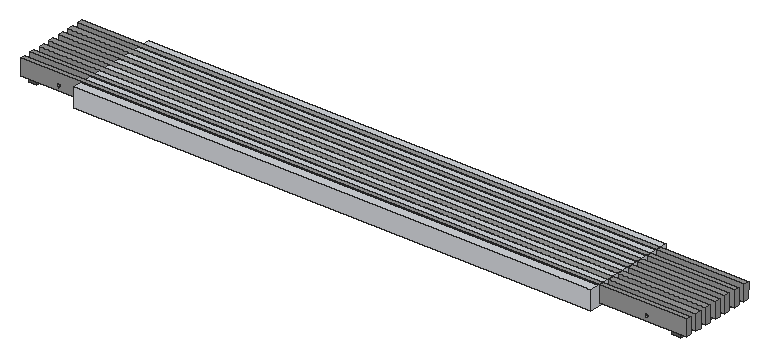
Revit family "1213-7, Veneer", category Generic Models, host Face, Revit 2020
Family settings
  Host = Face
  Can host rebar = No
  Round Connector Dimension = Use Diameter
  Part Type = Normal
  Cut with Voids When Loaded = No
  Shared = No
  Room Calculation Point = No
Parameters
  min_value [instance] = 1' - 11 1/4"  # constant formula
  max_value [instance] = 9' - 11 1/4"  # constant formula
  actual_value [instance] = if(NET LENGTH < min_value, min_value, if(NET LENGTH > max_value, max_value, NET LENGTH))  # 7' - 11 1/4"
  NET LENGTH [instance] = 7' - 11 1/4"
  IMPORTANT NOTE!!!                                                                             *Backer & dowel layout is for visualization purposes only, final layout to be determined by 9Wood. [instance] = ""
  Default Elevation = 4' - 0"
  DOWEL RADIUS [instance] = 0' - 0 1/4"  # constant formula
  BACKING M MATERIAL [instance] = BLACK-BACKERS
  .. MEMBER WIDTH [instance] = 0' - 0 3/4"  # constant formula
  .. MEMBER MATERIAL [instance] = Veneer Cherry
  .. MEMBER DEPTH [instance] = 0' - 2 1/4"  # constant formula
  .. MEMBER COUNT [instance] = 7  # constant formula
Reference planes (in)
  plane 1 "Center (Front/Back)": y = 0
  plane 2: z = 2.726
  plane 3 "Center (Left/Right)": x = 0
Forms (in)
  Extrusion 1, solid
    sketch origin (15, -0.86619, -0.99308) x (0, 1, 0) y (-1, 0, 0)
      loop
        line (3.42869, -23.66817) -> (3.42869, 50.25) -> (-10, 50.25) -> (-10, -23.66817) -> (3.42869, -23.66817)
    from 3.71908 to 1.00111
Dimensions and locks (in)
  aligned and locked: plane 2 to Extrusion 1
Nested families (in)
  nested 1: "1200 Series" at (-44, -2, 1.87867), NET LENGTH <- "actual_value", DOWEL RADII <- "DOWEL RADIUS", .. MEMBER WIDTH <- ".. MEMBER WIDTH", .. MEMBER DEPTH <- ".. MEMBER DEPTH", .. MEMBER MATERIAL <- ".. MEMBER MATERIAL", BACKING M MATERIAL <- "BACKING M MATERIAL", .. MEMBER COUNT <- ".. MEMBER COUNT", type "1200 Series"
    with X 7' - 4", WIDTH 1' - 0 1/16", Space 0' - 0 11/16", START 0' - 0 3/8", SCRIM MATERIAL SCRIM, SCRIM 3 8' - 1", SCRIM 2 0' - 0 7/8", SCRIM 1 0' - 0 3/32", SCRIM yes, NET LENGTH 7' - 11 1/4", N 8, INSET 3 0' - 0 3/16", INSET 0' - 1", INDEX 0' - 5 5/8", END BACKER yes, DOWEL RADII 0' - 0 1/4", DOWEL COUNT 8, BACKING M WIDTH 0' - 1 1/4", BACKING M MATERIAL BLACK-BACKERS, BACKING M LENGTH 0' - 11 7/8", BACKING M DEPTH 0' - 0 1/2", .. MEMBER WIDTH 0' - 0 3/4", .. MEMBER OC TYP 0' - 1.71429", .. MEMBER MATERIAL Veneer Cherry, .. MEMBER DEPTH 0' - 2 1/4", .. MEMBER COUNT 7
Definition of nested family "1200 Series"
  Parameters (values of type "1200 Series")
    X [instance] = NET LENGTH - (0' 3 5/8" * 2)  # 6' - 2"
    WIDTH [instance] = 1' - 0 1/16"
    Space [instance] = 0' - 0 11/16"  # constant formula
    START [instance] = .. MEMBER WIDTH / 2  # 0' - 0 3/8"
    SCRIM MATERIAL [instance] = none
    SCRIM 3 [instance] = NET LENGTH + (SCRIM 2 * 2)  # 6' - 11"
    SCRIM 2 [instance] = 0' - 0 7/8"
    SCRIM 1 [instance] = 0' - 0 3/32"
    SCRIM [instance] = yes
    NET LENGTH [instance] = 6' - 9 1/4"
    N [instance] = if((X - (rounddown(X / 1' 0") * 1' 0")) > 1' 0", rounddown(X / 1' 0") + 2, rounddown(X / 1' 0") + 1)  # 7
    INSET 3 [instance] = 0' - 0 3/16"
    INSET [instance] = 0' - 1"
    INDEX [instance] = (NET LENGTH - ((N - 1) * 1' 0")) / 2  # 0' - 4 5/8"
    END BACKER [instance] = yes
    Default Elevation = 0' - 0"
    DOWEL RADII [instance] = 0' - 0 1/4"
    DOWEL COUNT [instance] = N  # 7
    BACKING M WIDTH [instance] = 0' - 1 1/4"
    BACKING M MATERIAL [instance] = none
    BACKING M LENGTH [instance] = 0' - 11 7/8"
    BACKING M DEPTH [instance] = 0' - 0 1/2"
    .. MEMBER WIDTH [instance] = 0' - 0 3/4"
    .. MEMBER OC TYP [instance] = 1' 0" / .. MEMBER COUNT  # 0' - 3"
    .. MEMBER MATERIAL [instance] = none
    .. MEMBER DEPTH [instance] = 0' - 1 3/8"
    .. MEMBER COUNT [instance] = 4
  Reference planes (in)
    plane 1 "Center (Front/Back)": y = -7.5
    plane 2: z = 0
    plane 3 "Center (Left/Right)": x = 0
    plane 4: x = 1
    plane 5: x = 4.625
    plane 6: x = 81.25
    plane 7: x = 80.25
    plane 8: x = 16.625
    plane 9: y = -7.3125
    plane 10: y = -4.125
    plane 11: y = -7.125
    plane 12: y = 4.5625
    plane 13: y = -4.5
    plane 14: y = -7.59375
    plane 15: x = 82.125
    plane 16: y = 4.65625
    plane 17: x = -0.875
    plane 18: z = -1.375
    plane 19: z = -0.6875
  Lines and regions (in)
    model lines
      curve 1: line (4.375, -7.5, -0.6875) -> (4.875, -7.5, -0.6875)
    model lines, not visible
      curve 2: line (4.625, -7.5, -0.9375) -> (4.625, -7.5, -0.4375)
      curve 3: line (4.375, -7.5, -0.6875) -> (4.875, -7.5, -0.6875)
      curve 4: line (16.625, -7.5, -0.9375) -> (16.625, -7.5, -0.4375)
      curve 5: line (16.375, -7.5, -0.6875) -> (16.875, -7.5, -0.6875)
      curve 6: line (28.625, -7.5, -0.9375) -> (28.625, -7.5, -0.4375)
      curve 7: line (28.375, -7.5, -0.6875) -> (28.875, -7.5, -0.6875)
      curve 8: line (40.625, -7.5, -0.9375) -> (40.625, -7.5, -0.4375)
      curve 9: line (40.375, -7.5, -0.6875) -> (40.875, -7.5, -0.6875)
      curve 10: line (52.625, -7.5, -0.9375) -> (52.625, -7.5, -0.4375)
      curve 11: line (52.375, -7.5, -0.6875) -> (52.875, -7.5, -0.6875)
      curve 12: line (64.625, -7.5, -0.9375) -> (64.625, -7.5, -0.4375)
      curve 13: line (64.375, -7.5, -0.6875) -> (64.875, -7.5, -0.6875)
      curve 14: line (76.625, -7.5, -0.9375) -> (76.625, -7.5, -0.4375)
      curve 15: line (76.375, -7.5, -0.6875) -> (76.875, -7.5, -0.6875)
  Dimensions and locks (in)
    "NET LENGTH": plane 3 "Center (Left/Right)" to plane 6
    "INSET": plane 7 to plane 6
    "INDEX": plane 3 "Center (Left/Right)" to plane 5
    plane 5 to plane 8 = 1' - 0"
    "INSET 3": plane 1 "Center (Front/Back)" to plane 9
    equal spacing: group 1, group 2, group 3, group 4  (x3)
    "START": plane 11 to plane 1 "Center (Front/Back)"
    ".. MEMBER OC TYP": plane 10 to plane 11
    "WIDTH": plane 12 to plane 1 "Center (Front/Back)"
    "START": plane 10 to plane 13
    "SCRIM 1": plane 14 to plane 1 "Center (Front/Back)"
    "SCRIM 2": plane 6 to plane 15
    "SCRIM 1": plane 12 to plane 16
    "SCRIM 2": plane 17 to plane 3 "Center (Left/Right)"
    "INSET": plane 3 "Center (Left/Right)" to plane 4
    equal spacing: group 5, group 6, group 7, group 8, group 9, group 10, group 11  (x3)
    "Space": plane 19 to plane 18
    aligned and locked: level to plane 2
    aligned and locked: nested 1 to plane 4  (x2)
    aligned and locked: plane 7 to nested 2
    aligned and locked: plane 5 to nested 3
    aligned and locked: nested 1 to plane 9
    aligned and locked: plane 1 "Center (Front/Back)" to nested 4
    aligned and locked: plane 9 to nested 2
    aligned and locked: plane 13 to nested 5
    aligned and locked: nested 3 to plane 9
    aligned and locked: plane 18 to nested 1
    aligned and locked: plane 19 to nested 3
    aligned and locked: curve 1 to plane 19
    aligned and locked: plane 8 to curve 4
    aligned and locked: curve 5 to plane 19
    aligned and locked: nested 4 to plane 18
  Automatic sketch dimensions
    curve 1 to curve 1 = 0' - 0 1/2"
    curve 1 to plane 5 = 0' - 0 1/4"
    plane 5 to curve 1 = 0' - 0 1/4"
    curve 3 to curve 2 = 0' - 0 1/4"  (x2)
    curve 2 to curve 3 = 0' - 0 1/4"  (x2)
    curve 5 to curve 4 = 0' - 0 1/4"  (x2)
    curve 4 to curve 5 = 0' - 0 1/4"  (x2)
    curve 7 to curve 6 = 0' - 0 1/4"  (x2)
    curve 6 to curve 7 = 0' - 0 1/4"  (x2)
    curve 9 to curve 8 = 0' - 0 1/4"  (x2)
    curve 8 to curve 9 = 0' - 0 1/4"  (x2)
    curve 11 to curve 10 = 0' - 0 1/4"  (x2)
    curve 10 to curve 11 = 0' - 0 1/4"  (x2)
    curve 13 to curve 12 = 0' - 0 1/4"  (x2)
    curve 12 to curve 13 = 0' - 0 1/4"  (x2)
    curve 15 to curve 14 = 0' - 0 1/4"  (x2)
    curve 14 to curve 15 = 0' - 0 1/4"  (x2)
  Nested families (in)
    nested 1: "INSTANCE - 2ND -  EXTEND SIDE H CENTER W - Parametric Cube" at (1, -1.375, -1.375) x (0, -1, 0) z (0, 0, 1), Width <- "BACKING M LENGTH", Length <- "BACKING M WIDTH", Material <- "BACKING M MATERIAL", Height <- "BACKING M DEPTH", visible <- "END BACKER", type "INSTANCE - 2ND -  EXTEND SIDE H CENTER W - Parametric Cube"
      with Width 0' - 11 7/8", Material none, Length 0' - 1 1/4", Height 0' - 0 1/2"
    nested 2: "INSTANCE - 2ND -  EXTEND SIDE H CENTER W - Parametric Cube" at (80.25, -1.375, -1.375) x (0, -1, 0) z (0, 0, 1), Width <- "BACKING M LENGTH", Length <- "BACKING M WIDTH", Material <- "BACKING M MATERIAL", Height <- "BACKING M DEPTH", visible <- "END BACKER", type "INSTANCE - 2ND -  EXTEND SIDE H CENTER W - Parametric Cube"
      with Width 0' - 11 7/8", Material none, Length 0' - 1 1/4", Height 0' - 0 1/2"
    nested 3: "Family3" at (-5.375, -7.3125, -0.6875), DOWEL RADII <- "DOWEL RADII", BACKING MEM MATERIAL <- "BACKING M MATERIAL", type "Family3"
      with DOWEL RADII 0' - 0 1/4", DOWEL LENGTH 0' - 11 7/8", BACKING MEM MATERIAL none
    nested 4: "HOLED MEMBER" at (0, -18.75, 6.19404), DOWEL RADII <- "DOWEL RADII", .. MEMBER LENGTH <- "NET LENGTH", DOWEL COUNT <- "DOWEL COUNT", DEPTH <- ".. MEMBER DEPTH", .. MEMBER WIDTH <- ".. MEMBER WIDTH", Material <- ".. MEMBER MATERIAL", DOWEL INDEX <- "INDEX", Space 2 <- "Space", type "HOLED MEMBER"
      with Width 0' - 6", Space 2 0' - 0 11/16", Material none, Length 1' - 0", Height 0' - 10.43096", DOWEL RADII 0' - 0 1/4", DOWEL OC DIST 1' - 0", DOWEL INDEX 0' - 4 5/8", DOWEL COUNT 7, DEPTH 0' - 1 3/8", .. MEMBER WIDTH 0' - 0 3/4", .. MEMBER LENGTH 6' - 9 1/4"
    nested 5: "HOLED MEMBER" at (0, -15.75, 6.19404), DOWEL RADII <- "DOWEL RADII", .. MEMBER LENGTH <- "NET LENGTH", DOWEL COUNT <- "DOWEL COUNT", DEPTH <- ".. MEMBER DEPTH", .. MEMBER WIDTH <- ".. MEMBER WIDTH", Material <- ".. MEMBER MATERIAL", DOWEL INDEX <- "INDEX", Space 2 <- "Space", type "HOLED MEMBER"
      with Width 0' - 6", Space 2 0' - 0 11/16", Material none, Length 1' - 0", Height 0' - 10.43096", DOWEL RADII 0' - 0 1/4", DOWEL OC DIST 1' - 0", DOWEL INDEX 0' - 4 5/8", DOWEL COUNT 7, DEPTH 0' - 1 3/8", .. MEMBER WIDTH 0' - 0 3/4", .. MEMBER LENGTH 6' - 9 1/4"
    nested 6: "HOLED MEMBER" at (0, -12.75, 6.19404), DOWEL RADII <- "DOWEL RADII", .. MEMBER LENGTH <- "NET LENGTH", DOWEL COUNT <- "DOWEL COUNT", DEPTH <- ".. MEMBER DEPTH", .. MEMBER WIDTH <- ".. MEMBER WIDTH", Material <- ".. MEMBER MATERIAL", DOWEL INDEX <- "INDEX", Space 2 <- "Space", type "HOLED MEMBER"
      with Width 0' - 6", Space 2 0' - 0 11/16", Material none, Length 1' - 0", Height 0' - 10.43096", DOWEL RADII 0' - 0 1/4", DOWEL OC DIST 1' - 0", DOWEL INDEX 0' - 4 5/8", DOWEL COUNT 7, DEPTH 0' - 1 3/8", .. MEMBER WIDTH 0' - 0 3/4", .. MEMBER LENGTH 6' - 9 1/4"
    nested 7: "HOLED MEMBER" at (0, -9.75, 6.19404), DOWEL RADII <- "DOWEL RADII", .. MEMBER LENGTH <- "NET LENGTH", DOWEL COUNT <- "DOWEL COUNT", DEPTH <- ".. MEMBER DEPTH", .. MEMBER WIDTH <- ".. MEMBER WIDTH", Material <- ".. MEMBER MATERIAL", DOWEL INDEX <- "INDEX", Space 2 <- "Space", type "HOLED MEMBER"
      with Width 0' - 6", Space 2 0' - 0 11/16", Material none, Length 1' - 0", Height 0' - 10.43096", DOWEL RADII 0' - 0 1/4", DOWEL OC DIST 1' - 0", DOWEL INDEX 0' - 4 5/8", DOWEL COUNT 7, DEPTH 0' - 1 3/8", .. MEMBER WIDTH 0' - 0 3/4", .. MEMBER LENGTH 6' - 9 1/4"
    nested 8: "Family3" at (6.625, -7.3125, -0.6875), DOWEL RADII <- "DOWEL RADII", BACKING MEM MATERIAL <- "BACKING M MATERIAL", type "Family3"
      with DOWEL RADII 0' - 0 1/4", DOWEL LENGTH 0' - 11 7/8", BACKING MEM MATERIAL none
    nested 9: "Family3" at (18.625, -7.3125, -0.6875), DOWEL RADII <- "DOWEL RADII", BACKING MEM MATERIAL <- "BACKING M MATERIAL", type "Family3"
      with DOWEL RADII 0' - 0 1/4", DOWEL LENGTH 0' - 11 7/8", BACKING MEM MATERIAL none
    nested 10: "Family3" at (30.625, -7.3125, -0.6875), DOWEL RADII <- "DOWEL RADII", BACKING MEM MATERIAL <- "BACKING M MATERIAL", type "Family3"
      with DOWEL RADII 0' - 0 1/4", DOWEL LENGTH 0' - 11 7/8", BACKING MEM MATERIAL none
    nested 11: "Family3" at (42.625, -7.3125, -0.6875), DOWEL RADII <- "DOWEL RADII", BACKING MEM MATERIAL <- "BACKING M MATERIAL", type "Family3"
      with DOWEL RADII 0' - 0 1/4", DOWEL LENGTH 0' - 11 7/8", BACKING MEM MATERIAL none
    nested 12: "Family3" at (54.625, -7.3125, -0.6875), DOWEL RADII <- "DOWEL RADII", BACKING MEM MATERIAL <- "BACKING M MATERIAL", type "Family3"
      with DOWEL RADII 0' - 0 1/4", DOWEL LENGTH 0' - 11 7/8", BACKING MEM MATERIAL none
    nested 13: "Family3" at (66.625, -7.3125, -0.6875), DOWEL RADII <- "DOWEL RADII", BACKING MEM MATERIAL <- "BACKING M MATERIAL", type "Family3"
      with DOWEL RADII 0' - 0 1/4", DOWEL LENGTH 0' - 11 7/8", BACKING MEM MATERIAL none
  Definition of nested family "INSTANCE - 2ND -  EXTEND SIDE H CENTER W - Parametric Cube"
    Parameters (values of type "INSTANCE - 2ND -  EXTEND SIDE H CENTER W - Parametric Cube")
      Width [instance] = 0' - 6"
      Material [instance] = none
      Length [instance] = 1' - 0"
      Height [instance] = 1' - 6"
      Default Elevation = 0' - 0"
    Reference planes (in)
      plane 1 "Center (Front/Back)": y = 0
      plane 2: z = 0
      plane 3 "Center (Left/Right)": x = 0
      plane 4: x = -3
      plane 5: x = 3
      plane 6: y = 12
      plane 7: z = -18
    Forms (in)
      Extrusion 1, solid, material <- "Material"
        sketch origin (0, 6, 0) x (1, 0, 0) y (0, 1, 0)
          loop
            line (-3, 6) -> (-3, -6) -> (3, -6) -> (3, 6) -> (-3, 6)
        from -18 to 0
    Dimensions and locks (in)
      equal spacing: plane 4, plane 3 "Center (Left/Right)", plane 5
      "Width": plane 4 to plane 5
      "Height": plane 7 to level
      "Length": plane 1 "Center (Front/Back)" to plane 6
      aligned and locked: plane 2 to level
      aligned and locked: plane 4 to Extrusion 1 sketch curve
      aligned and locked: Extrusion 1 sketch curve to plane 5
      aligned and locked: Extrusion 1 to plane 7
      aligned and locked: plane 6 to Extrusion 1
    Automatic sketch dimensions
      plane 1 "Center (Front/Back)" to Extrusion 1 sketch curve = 0' - 0"
      plane 6 to Extrusion 1 sketch curve = 0' - 0"
  Definition of nested family "Family3"
    Parameters (values of type "Family3")
      Default Elevation = 0' - 0"
      DOWEL RADII [instance] = 0' - 0 5/8"
      DOWEL LENGTH [instance] = 0' - 5"
      BACKING MEM MATERIAL [instance] = none
    Reference planes (in)
      plane 1 "Center (Front/Back)": y = 0
      plane 2: z = 0
      plane 3 "Center (Left/Right)": x = 0
      plane 4: y = 5
    Forms (in)
      Extrusion 1, solid, material <- "BACKING MEM MATERIAL"
        sketch origin (10, 0, 0) x (1, 0, 0) y (0, 0, 1)
          loop
            circle (0, 0) r 0.625
        from 0 to -5
      Extrusion 2, solid, not visible
        sketch origin (0, 0, 0) x (1, 0, 0) y (0, 0, 1)
          loop
            circle (0, 0) r 0.625
        from 0 to 12
      Extrusion 3, solid, not visible
        sketch origin (10, 0, 0) x (1, 0, 0) y (0, 0, 1)
          loop
            circle (0, 0) r 0.625
        from 0 to 2.5
      Extrusion 4, solid, not visible
        sketch origin (10, 0, 0) x (1, 0, 0) y (0, 0, 1)
          loop
            circle (0, 0) r 0.625
        from 0 to -12
    Lines and regions (in)
      model lines, not visible
        curve 1: line (-13, 0, 0) -> (-13, -12, 0)
        curve 2: line (13, 0, 0) -> (13, -12, 0)
        curve 3: line (9.89453, 0, 0) -> (10.08794, 0, 0)
        curve 4: line (9.89453, -2.5, 0) -> (10.08794, -2.5, 0)
        curve 6: line (10, 0, 0) -> (10, 2, 0)
      model lines
        curve 5: line (10, 0, 0) -> (10, 2, 0)
    Dimensions and locks (in)
      "DOWEL LENGTH": plane 1 "Center (Front/Back)" to plane 4
      "DOWEL RADII": radius of Extrusion 1 sketch curve
      "DOWEL RADII": radius of Extrusion 2 sketch curve
      "DOWEL RADII": radius of Extrusion 3 sketch curve
      "DOWEL RADII": radius of Extrusion 4 sketch curve
      "DOWEL RADII": radius of Extrusion 1
      aligned and locked: plane 2 to level
      aligned and locked: Extrusion 1 to plane 1 "Center (Front/Back)"  (x3)
      aligned and locked: plane 1 "Center (Front/Back)" to Extrusion 1
      aligned and locked: plane 4 to Extrusion 1
    Automatic sketch dimensions
      plane 1 "Center (Front/Back)" to curve 5 = 0' - 0"
      curve 5 to plane 1 "Center (Front/Back)" = 0' - 2"
      plane 3 "Center (Left/Right)" to curve 5 = 0' - 10"
      Extrusion 1 sketch curve to level = 0' - 0"
      plane 3 "Center (Left/Right)" to Extrusion 1 sketch curve = 0' - 10"
  Definition of nested family "HOLED MEMBER"
    Parameters (values of type "HOLED MEMBER")
      Width [instance] = 0' - 6"
      Space 2 [instance] = 0' - 0 5/8"
      Space = 0' - 0 5/8"
      Material [instance] = none
      Length [instance] = 1' - 0"
      Height [instance] = 0' - 10.43096"
      Default Elevation = 0' - 0"
      DOWEL RADII [instance] = 0' - 0.34537"
      DOWEL OC DIST [instance] = 1' - 0"
      DOWEL INSET = 0' - 0 5/8"
      DOWEL INDEX [instance] = 0' - 5 5/8"
      DOWEL COUNT [instance] = 6
      DEPTH [instance] = 0' - 2"
      .. MEMBER WIDTH [instance] = 0' - 0 5/8"
      .. MEMBER LENGTH [instance] = 5' - 11 3/4"
    Reference planes (in)
      plane 1 "Center (Front/Back)": y = 12
      plane 2: z = -7.56904
      plane 3 "Center (Left/Right)": x = 0
      plane 4: x = 5.625
      plane 5: x = 17.625
      plane 6: y = 11.375
      plane 7: x = 71.75
      plane 8: z = -6.94404
      plane 9: z = -5.56904
    Forms (in)
      Extrusion 1, solid, material <- "Material"
        sketch origin (0, 12, -13.56904) x (1, 0, 0) y (0, 0, 1)
          loop
            line (0, 6) -> (71.75, 6) -> (71.75, 8) -> (0, 8) -> (0, 6)
        from 0.625 to 0
      Extrusion 2, void
        sketch origin (0, 12, -18.31904) x (1, 0, 0) y (0, 0, 1)
          loop
            circle (5.625, 11.375) r 0.34537
        from 0 to 12
      Extrusion 3, void, not visible
        sketch origin (0, 1.25, 0) x (1, 0, 0) y (0, 1, 0)
          loop
            circle (5.625, 11.375) r 0.34537
        from 0 to 12
      Extrusion 4, void, not visible
        sketch origin (0, 1.25, 0) x (1, 0, 0) y (0, 1, 0)
          loop
            circle (5.625, 11.375) r 0.34537
        from 0 to 12
      Extrusion 5, void, not visible
        sketch origin (12, 1.25, 0) x (1, 0, 0) y (0, 1, 0)
          loop
            circle (5.625, 11.375) r 0.34537
        from 0 to 12
      Extrusion 6, void, not visible
        sketch origin (0, 12, -16.31904) x (1, 0, 0) y (0, 0, 1)
          loop
            circle (5.625, 11.375) r 0.34537
        from 0 to 12
      Extrusion 7, void, not visible
        sketch origin (12, 12, -16.31904) x (1, 0, 0) y (0, 0, 1)
          loop
            circle (5.625, 11.375) r 0.34537
        from 0 to 12
      Extrusion 8, void, not visible
        sketch origin (0, 12, -18.31904) x (1, 0, 0) y (0, 0, 1)
          loop
            circle (5.625, 11.375) r 0.34537
        from 0 to 12
      Extrusion 9, void
        sketch origin (12, 12, -18.31904) x (1, 0, 0) y (0, 0, 1)
          loop
            circle (5.625, 11.375) r 0.34537
        from 0 to 12
      Extrusion 10, void, not visible
        sketch origin (24, 12, -16.31904) x (1, 0, 0) y (0, 0, 1)
          loop
            circle (5.625, 11.375) r 0.34537
        from 0 to 12
      Extrusion 11, void, not visible
        sketch origin (36, 12, -16.31904) x (1, 0, 0) y (0, 0, 1)
          loop
            circle (5.625, 11.375) r 0.34537
        from 0 to 12
      Extrusion 12, void, not visible
        sketch origin (48, 12, -16.31904) x (1, 0, 0) y (0, 0, 1)
          loop
            circle (5.625, 11.375) r 0.34537
        from 0 to 12
      Extrusion 13, void, not visible
        sketch origin (60, 12, -16.31904) x (1, 0, 0) y (0, 0, 1)
          loop
            circle (5.625, 11.375) r 0.34537
        from 0 to 12
      Extrusion 14, void, not visible
        sketch origin (24, 1.25, 0) x (1, 0, 0) y (0, 1, 0)
          loop
            circle (5.625, 11.375) r 0.34537
        from 0 to 12
      Extrusion 15, void, not visible
        sketch origin (36, 1.25, 0) x (1, 0, 0) y (0, 1, 0)
          loop
            circle (5.625, 11.375) r 0.34537
        from 0 to 12
      Extrusion 16, void, not visible
        sketch origin (48, 1.25, 0) x (1, 0, 0) y (0, 1, 0)
          loop
            circle (5.625, 11.375) r 0.34537
        from 0 to 12
      Extrusion 17, void, not visible
        sketch origin (60, 1.25, 0) x (1, 0, 0) y (0, 1, 0)
          loop
            circle (5.625, 11.375) r 0.34537
        from 0 to 12
      Extrusion 18, void
        sketch origin (24, 12, -18.31904) x (1, 0, 0) y (0, 0, 1)
          loop
            circle (5.625, 11.375) r 0.34537
        from 0 to 12
      Extrusion 19, void
        sketch origin (36, 12, -18.31904) x (1, 0, 0) y (0, 0, 1)
          loop
            circle (5.625, 11.375) r 0.34537
        from 0 to 12
      Extrusion 20, void
        sketch origin (48, 12, -18.31904) x (1, 0, 0) y (0, 0, 1)
          loop
            circle (5.625, 11.375) r 0.34537
        from 0 to 12
      Extrusion 21, void
        sketch origin (60, 12, -18.31904) x (1, 0, 0) y (0, 0, 1)
          loop
            circle (5.625, 11.375) r 0.34537
        from 0 to 12
    Cuts and joins
      Extrusion 2, Extrusion 9, Extrusion 18, Extrusion 19, Extrusion 20, Extrusion 21 cuts Extrusion 1
    Lines and regions (in)
      model lines, not visible
        curve 1: line (5.625, 11.72037, 0) -> (5.625, 11.02963, 0)
        curve 2: line (5.625, 11.72037, 0) -> (5.625, 11.02963, 0)
        curve 3: line (17.625, 11.72037, 0) -> (17.625, 11.02963, 0)
        curve 4: line (5.625, 12, -7.56904) -> (5.625, 11.87317, -7.56904)
        curve 5: line (5.625, 11.87317, -7.56904) -> (5.06195, 11.87317, -7.56904)
        curve 6: line (5.06195, 11.87317, -7.56904) -> (5.27963, 11.375, -7.56904)
        curve 7: line (0, 12, -6.19404) -> (0, 11.61951, -6.19404)
        curve 8: line (0, 11.375, -8.19404) -> (0, 11.6747, -8.19404)
        curve 9: line (5.625, 12, -7.56904) -> (5.625, 11.69863, -7.56904)
        curve 11: line (5.625, 12, 0) -> (5.625, 12, 0.30137)
        curve 12: line (5.625, 12, 0) -> (5.625, 12, 0.30137)
        curve 13: line (17.625, 12, 0) -> (17.625, 12, 0.30137)
        curve 14: line (5.625, 12, -5.56904) -> (5.625, 11.69863, -5.56904)
        curve 15: line (17.625, 12, -5.56904) -> (17.625, 11.69863, -5.56904)
        curve 16: line (5.625, 12, -7.56904) -> (5.625, 11.69863, -7.56904)
        curve 18: line (29.625, 12, -5.56904) -> (29.625, 11.69863, -5.56904)
        curve 19: line (41.625, 12, -5.56904) -> (41.625, 11.69863, -5.56904)
        curve 20: line (53.625, 12, -5.56904) -> (53.625, 11.69863, -5.56904)
        curve 21: line (65.625, 12, -5.56904) -> (65.625, 11.69863, -5.56904)
        curve 22: line (29.625, 11.72037, 0) -> (29.625, 11.02963, 0)
        curve 23: line (29.625, 12, 0) -> (29.625, 12, 0.30137)
        curve 24: line (41.625, 11.72037, 0) -> (41.625, 11.02963, 0)
        curve 25: line (41.625, 12, 0) -> (41.625, 12, 0.30137)
        curve 26: line (53.625, 11.72037, 0) -> (53.625, 11.02963, 0)
        curve 27: line (53.625, 12, 0) -> (53.625, 12, 0.30137)
        curve 28: line (65.625, 11.72037, 0) -> (65.625, 11.02963, 0)
        curve 29: line (65.625, 12, 0) -> (65.625, 12, 0.30137)
        curve 35: line (5.27963, 12.625, 0) -> (5.97037, 12.625, 0)
        curve 36: line (5.27963, 12.625, 0) -> (5.97037, 12.625, 0)
        curve 37: line (17.27963, 12.625, 0) -> (17.97037, 12.625, 0)
        curve 38: line (5.27963, 12, -4.94404) -> (5.97037, 12, -4.94404)
        curve 39: line (17.27963, 12, -4.94404) -> (17.97037, 12, -4.94404)
        curve 40: line (5.27963, 12, -6.94404) -> (5.97037, 12, -6.94404)
        curve 42: line (29.27963, 12, -4.94404) -> (29.97037, 12, -4.94404)
        curve 43: line (41.27963, 12, -4.94404) -> (41.97037, 12, -4.94404)
        curve 44: line (53.27963, 12, -4.94404) -> (53.97037, 12, -4.94404)
        curve 45: line (65.27963, 12, -4.94404) -> (65.97037, 12, -4.94404)
        curve 46: line (29.27963, 12.625, 0) -> (29.97037, 12.625, 0)
        curve 47: line (41.27963, 12.625, 0) -> (41.97037, 12.625, 0)
        curve 48: line (53.27963, 12.625, 0) -> (53.97037, 12.625, 0)
        curve 49: line (65.27963, 12.625, 0) -> (65.97037, 12.625, 0)
        curve 54: line (0, 12, -6.94404) -> (0, 4.22059, -6.94404)
        curve 55: line (0, 12.625, 0) -> (0, 12.625, 7.77941)
        curve 56: line (0, 12.625, 0) -> (0, 12.625, 7.77941)
        curve 57: line (12, 12.625, 0) -> (12, 12.625, 7.77941)
        curve 58: line (0, 12, -4.94404) -> (0, 4.22059, -4.94404)
        curve 59: line (12, 12, -4.94404) -> (12, 4.22059, -4.94404)
        curve 60: line (0, 12, -6.94404) -> (0, 4.22059, -6.94404)
        curve 61: line (12, 12, -6.94404) -> (12, 4.22059, -6.94404)
        curve 62: line (24, 12, -4.94404) -> (24, 4.22059, -4.94404)
        curve 63: line (36, 12, -4.94404) -> (36, 4.22059, -4.94404)
        curve 64: line (48, 12, -4.94404) -> (48, 4.22059, -4.94404)
        curve 65: line (60, 12, -4.94404) -> (60, 4.22059, -4.94404)
        curve 66: line (24, 12.625, 0) -> (24, 12.625, 7.77941)
        curve 67: line (36, 12.625, 0) -> (36, 12.625, 7.77941)
        curve 68: line (48, 12.625, 0) -> (48, 12.625, 7.77941)
        curve 69: line (60, 12.625, 0) -> (60, 12.625, 7.77941)
        curve 70: line (24, 12, -6.94404) -> (24, 4.22059, -6.94404)
        curve 71: line (36, 12, -6.94404) -> (36, 4.22059, -6.94404)
        curve 72: line (48, 12, -6.94404) -> (48, 4.22059, -6.94404)
        curve 73: line (60, 12, -6.94404) -> (60, 4.22059, -6.94404)
      model lines
        curve 10: line (5.625, 12, -7.56904) -> (5.625, 11.69863, -7.56904)
        curve 17: line (17.625, 12, -7.56904) -> (17.625, 11.69863, -7.56904)
        curve 30: line (29.625, 12, -7.56904) -> (29.625, 11.69863, -7.56904)
        curve 31: line (41.625, 12, -7.56904) -> (41.625, 11.69863, -7.56904)
        curve 32: line (53.625, 12, -7.56904) -> (53.625, 11.69863, -7.56904)
        curve 33: line (65.625, 12, -7.56904) -> (65.625, 11.69863, -7.56904)
        curve 34: line (5.27963, 12, -6.94404) -> (5.97037, 12, -6.94404)
        curve 41: line (17.27963, 12, -6.94404) -> (17.97037, 12, -6.94404)
        curve 50: line (29.27963, 12, -6.94404) -> (29.97037, 12, -6.94404)
        curve 51: line (41.27963, 12, -6.94404) -> (41.97037, 12, -6.94404)
        curve 52: line (53.27963, 12, -6.94404) -> (53.97037, 12, -6.94404)
        curve 53: line (65.27963, 12, -6.94404) -> (65.97037, 12, -6.94404)
    Dimensions and locks (in)
      "DOWEL INDEX": plane 3 "Center (Left/Right)" to plane 4
      "DOWEL OC DIST": plane 4 to plane 5
      ".. MEMBER LENGTH": plane 3 "Center (Left/Right)" to plane 7
      equal spacing: group 3, group 4, group 17, group 18, group 19, group 20  (x3)
      equal spacing: group 7, group 8, group 13, group 14, group 15, group 16  (x3)
      equal spacing: group 1, group 12, group 21, group 22, group 23, group 24  (x3)
      ".. MEMBER WIDTH": plane 6 to plane 1 "Center (Front/Back)"
      "DEPTH": plane 9 to level
      "Space 2": plane 8 to level
      "DOWEL RADII": radius of Extrusion 2 sketch curve
      "DOWEL RADII": radius of Extrusion 3 sketch curve
      "DOWEL RADII": radius of Extrusion 4 sketch curve
      "DOWEL RADII": radius of Extrusion 5 sketch curve
      "DOWEL RADII": radius of Extrusion 6 sketch curve
      "DOWEL RADII": radius of Extrusion 7 sketch curve
      "DOWEL RADII": radius of Extrusion 8 sketch curve
      "DOWEL RADII": radius of Extrusion 9 sketch curve
      "DOWEL RADII": radius of Extrusion 10 sketch curve
      "DOWEL RADII": radius of Extrusion 11 sketch curve
      "DOWEL RADII": radius of Extrusion 12 sketch curve
      "DOWEL RADII": radius of Extrusion 13 sketch curve
      "DOWEL RADII": radius of Extrusion 14 sketch curve
      "DOWEL RADII": radius of Extrusion 15 sketch curve
      "DOWEL RADII": radius of Extrusion 16 sketch curve
      "DOWEL RADII": radius of Extrusion 17 sketch curve
      "DOWEL RADII": radius of Extrusion 18 sketch curve
      "DOWEL RADII": radius of Extrusion 19 sketch curve
      "DOWEL RADII": radius of Extrusion 20 sketch curve
      "DOWEL RADII": radius of Extrusion 21 sketch curve
      aligned and locked: level to plane 2
      aligned and locked: Extrusion 1 to plane 3 "Center (Left/Right)"  (x2)
      aligned and locked: plane 7 to cut or joined group of Extrusion 1, Extrusion 2, Extrusion 9, Extrusion 18, Extrusion 19, Extrusion 20, Extrusion 21  (x2)
      aligned and locked: cut or joined group of Extrusion 1, Extrusion 2, Extrusion 9, Extrusion 18, Extrusion 19, Extrusion 20, Extrusion 21 to plane 1 "Center (Front/Back)"  (x2)
      aligned and locked: cut or joined group of Extrusion 1, Extrusion 2, Extrusion 9, Extrusion 18, Extrusion 19, Extrusion 20, Extrusion 21 to plane 6  (x2)
      aligned and locked: plane 4 to curve 10
      aligned and locked: plane 5 to curve 17
      aligned and locked: plane 9 to cut or joined group of Extrusion 1, Extrusion 2, Extrusion 9, Extrusion 18, Extrusion 19, Extrusion 20, Extrusion 21  (x2)
      aligned and locked: cut or joined group of Extrusion 1, Extrusion 2, Extrusion 9, Extrusion 18, Extrusion 19, Extrusion 20, Extrusion 21 to level
      aligned and locked: plane 8 to Extrusion 2
      aligned and locked: curve 34 to plane 8
      aligned and locked: curve 41 to plane 8
      aligned and locked: level to curve 10
      aligned and locked: curve 10 to level
      aligned and locked: plane 8 to cut or joined group of Extrusion 1, Extrusion 2, Extrusion 9, Extrusion 18, Extrusion 19, Extrusion 20, Extrusion 21
      aligned and locked: curve 54 to plane 8
    Automatic sketch dimensions
      curve 1 to curve 1 = 0' - 0.69074"
      curve 2 to curve 2 = 0' - 0.69074"
      curve 3 to curve 3 = 0' - 0.69074"
      Extrusion 1 sketch curve to plane 3 "Center (Left/Right)" = 0' - 0"
      Extrusion 1 sketch curve to plane 7 = 0' - 0"
      Extrusion 1 sketch curve to Extrusion 1 sketch curve = 0' - 2"
      level to Extrusion 1 sketch curve = 0' - 0"
      curve 9 to curve 9 = 0' - 0.30137"
      curve 10 to curve 10 = 0' - 0.30137"
      curve 11 to curve 11 = 0' - 0.30137"
      curve 12 to curve 12 = 0' - 0.30137"
      curve 13 to curve 13 = 0' - 0.30137"
      curve 14 to curve 14 = 0' - 0.30137"
      curve 15 to curve 15 = 0' - 0.30137"
      curve 16 to curve 16 = 0' - 0.30137"
      curve 17 to curve 17 = 0' - 0.30137"
      curve 18 to curve 18 = 0' - 0.30137"
      curve 19 to curve 19 = 0' - 0.30137"
      curve 20 to curve 20 = 0' - 0.30137"
      curve 21 to curve 21 = 0' - 0.30137"
      curve 22 to curve 22 = 0' - 0.69074"
      curve 23 to curve 23 = 0' - 0.30137"
      curve 24 to curve 24 = 0' - 0.69074"
      curve 25 to curve 25 = 0' - 0.30137"
      curve 26 to curve 26 = 0' - 0.69074"
      curve 27 to curve 27 = 0' - 0.30137"
      curve 28 to curve 28 = 0' - 0.69074"
      curve 29 to curve 29 = 0' - 0.30137"
      curve 30 to curve 30 = 0' - 0.30137"
      curve 31 to curve 31 = 0' - 0.30137"
      curve 32 to curve 32 = 0' - 0.30137"
      curve 33 to curve 33 = 0' - 0.30137"
      curve 34 to curve 34 = 0' - 0.69074"
      curve 35 to curve 35 = 0' - 0.69074"
      curve 36 to curve 36 = 0' - 0.69074"
      curve 37 to curve 37 = 0' - 0.69074"
      curve 38 to curve 38 = 0' - 0.69074"
      curve 39 to curve 39 = 0' - 0.69074"
      curve 40 to curve 40 = 0' - 0.69074"
      curve 41 to curve 41 = 0' - 0.69074"
      curve 42 to curve 42 = 0' - 0.69074"
      curve 43 to curve 43 = 0' - 0.69074"
      curve 44 to curve 44 = 0' - 0.69074"
      curve 45 to curve 45 = 0' - 0.69074"
      curve 46 to curve 46 = 0' - 0.69074"
      curve 47 to curve 47 = 0' - 0.69074"
      curve 48 to curve 48 = 0' - 0.69074"
      curve 49 to curve 49 = 0' - 0.69074"
      curve 50 to curve 50 = 0' - 0.69074"
      curve 51 to curve 51 = 0' - 0.69074"
      curve 52 to curve 52 = 0' - 0.69074"
      curve 53 to curve 53 = 0' - 0.69074"
      curve 54 to curve 54 = 0' - 7.77941"
      curve 55 to curve 55 = 0' - 7.77941"
      curve 56 to curve 56 = 0' - 7.77941"
      curve 57 to curve 57 = 0' - 7.77941"
      curve 58 to curve 58 = 0' - 7.77941"
      curve 59 to curve 59 = 0' - 7.77941"
      curve 60 to curve 60 = 0' - 7.77941"
      curve 61 to curve 61 = 0' - 7.77941"
      curve 62 to curve 62 = 0' - 7.77941"
      curve 63 to curve 63 = 0' - 7.77941"
      curve 64 to curve 64 = 0' - 7.77941"
      curve 65 to curve 65 = 0' - 7.77941"
      curve 66 to curve 66 = 0' - 7.77941"
      curve 67 to curve 67 = 0' - 7.77941"
      curve 68 to curve 68 = 0' - 7.77941"
      curve 69 to curve 69 = 0' - 7.77941"
      curve 70 to curve 70 = 0' - 7.77941"
      curve 71 to curve 71 = 0' - 7.77941"
      curve 72 to curve 72 = 0' - 7.77941"
      curve 73 to curve 73 = 0' - 7.77941"
